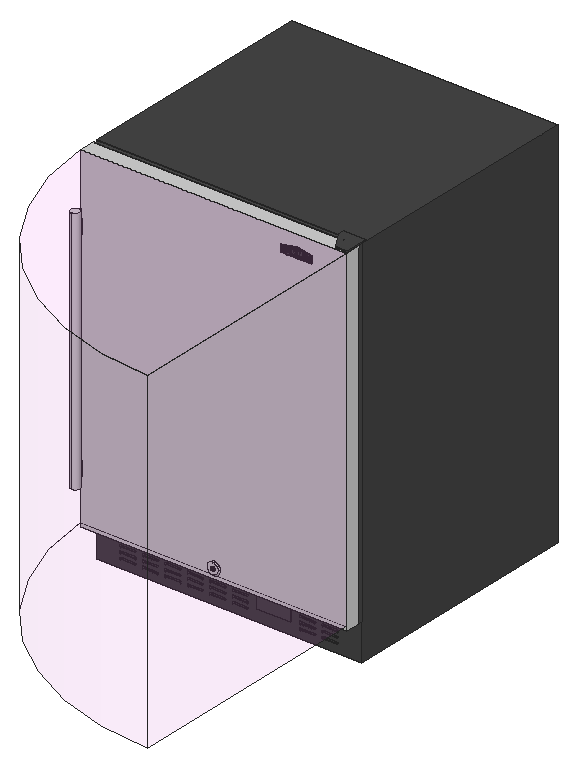
Revit family "Qf_Summit_SCFF53BSS_24 inches Wide Built-In All-Freezer", category Specialty Equipment, Revit 2020
Family settings
  Round Connector Dimension = Use Diameter
  Part Type = Normal
  Work Plane-Based = No
  Always vertical = Yes
  Cut with Voids When Loaded = No
  Shared = No
  Room Calculation Point = No
Parameters
  Weight in Pounds = 88
  Watts = 0 W
  Volts = 115 V
  URL Cutsheet = ""
  Specification by User = ""
  Specification by Manufacturer = ""
  Show Clearance [instance] = yes
  Serial Number = ""
  Seismic Rating = ""
  SMACNA No = ""
  Revision Code = ""
  Plumbing Remarks = ""
  Plumbing Connection Type = ""
  Phase = 1
  Number of Poles = 1
  NAFEM Spec ID Number = ""
  Model = "SCFF53BSS"
  Min Ckt Ampacity = 0 A
  Max Overcurrent Protection = 0 A
  Masterspec = ""
  Manufacturer = "Summit"
  Length = 23 5/8"
  Item Number = ""
  Installed By = ""
  Identify Quantity as Lot = yes
  Height = 34"
  HP = ""
  Furnished By = ""
  Foodservice Equipment Identifier = yes
  FL Amps = 0.9 A
  Electrical Remarks = ""
  Electric Connection Type = ""
  Elec Conn RI Height = 0"
  Elec Conn Connection Height = 0"
  Description = "24\" Wide Built-In All-Freezer"
  Depth = 23 1/2"
  Default Elevation = 0"
  Cycle = 60 Hz
  Conn Plug = ""
  Conn Conduit = yes
  CSI MasterFormat = ""
  Apparent Power = if(Phase = 3, Volts * FL Amps * 1.73, Volts * FL Amps)  # 103.5 VA
Reference planes (in)
  plane 1: z = 0
  plane 2 "LEFT": x = 0
  plane 3 "RIGHT": x = 23.625
  plane 4 "FRONT": y = -24.25
  plane 5 "TOP": z = 34
  plane 6 "Center Y": x = 11.8125
  plane 7 "Center X": y = -12.5
  plane 8 "BACK": y = -0.75
  plane 9: y = -46.375
  plane 10: y = -26.125
  plane 11: y = -22.5
  plane 12: z = 3.875
  plane 13: z = 0.625
  plane 14: x = 20.61996
Forms (in)
  Extrusion 1, solid, material "QF_Metallic_Paint_Black_Smooth"
    sketch origin (22.25, -2.96287, 36.42187) x (0, 1, 0) y (-1, 0, 0)
      loop
        line (2.21287, 22.25) -> (-19.53713, 22.25) -> (-19.53713, -1.375) -> (2.21287, -1.375) -> (2.21287, 22.25)
    from -35.79687 to -2.42187
  Extrusion 2, solid, material "QF_Plastic - Black - Matte"
    sketch origin (22.25, -2.96287, 36.42187) x (0, 1, 0) y (-1, 0, 0)
      loop
        line (-19.53713, 22.125) -> (-19.91213, 22.125) -> (-19.91213, -1.375) -> (-19.53713, -1.375) -> (-19.53713, 22.125)
    from -32.54687 to -2.42187
  Extrusion 3, solid, material "QF_Clearances_Door_Drawer"
    sketch origin (22.3755, -2.96287, 34) x (0, 1, 0) y (-1, 0, 0)
      loop
        line (-21.28713, -1.2495) -> (-21.28713, 22.42021)
        arc (-21.28713, 22.42021) -> (-37.01963, 14.95058) -> (-43.41213, -1.2495) r 23.72364
        line (-43.41213, -1.2495) -> (-21.28713, -1.2495)
    from 0 to -29.75
  Extrusion 4, void
    sketch origin (71.79246, -24.25, 19.21875) x (-1, 0, 0) y (0, 0, -1)
      loop
        arc (52.35496, 15.96875) -> (52.22996, 15.84375) -> (52.35496, 15.71875) r 0.125
        line (52.35496, 15.71875) -> (53.60496, 15.71875)
        arc (53.60496, 15.71875) -> (53.72996, 15.84375) -> (53.60496, 15.96875) r 0.125
        line (53.60496, 15.96875) -> (52.35496, 15.96875)
      loop
        line (52.35496, 16.21875) -> (53.60496, 16.21875)
        arc (53.60496, 16.21875) -> (53.72996, 16.34375) -> (53.60496, 16.46875) r 0.125
        line (53.60496, 16.46875) -> (52.35496, 16.46875)
        arc (52.35496, 16.46875) -> (52.22996, 16.34375) -> (52.35496, 16.21875) r 0.125
      loop
        line (52.35496, 16.71875) -> (53.60496, 16.71875)
        arc (53.60496, 16.71875) -> (53.72996, 16.84375) -> (53.60496, 16.96875) r 0.125
        line (53.60496, 16.96875) -> (52.35496, 16.96875)
        arc (52.35496, 16.96875) -> (52.22996, 16.84375) -> (52.35496, 16.71875) r 0.125
      loop
        line (53.60496, 17.46875) -> (52.35496, 17.46875)
        arc (52.35496, 17.46875) -> (52.22996, 17.34375) -> (52.35496, 17.21875) r 0.125
        line (52.35496, 17.21875) -> (53.60496, 17.21875)
        arc (53.60496, 17.21875) -> (53.72996, 17.34375) -> (53.60496, 17.46875) r 0.125
      loop
        line (53.60496, 17.96875) -> (52.35496, 17.96875)
        arc (52.35496, 17.96875) -> (52.22996, 17.84375) -> (52.35496, 17.71875) r 0.125
        line (52.35496, 17.71875) -> (53.60496, 17.71875)
        arc (53.60496, 17.71875) -> (53.72996, 17.84375) -> (53.60496, 17.96875) r 0.125
      loop
        arc (50.35496, 15.96875) -> (50.22996, 15.84375) -> (50.35496, 15.71875) r 0.125
        line (50.35496, 15.71875) -> (51.60496, 15.71875)
        arc (51.60496, 15.71875) -> (51.72996, 15.84375) -> (51.60496, 15.96875) r 0.125
        line (51.60496, 15.96875) -> (50.35496, 15.96875)
      loop
        line (50.35496, 16.21875) -> (51.60496, 16.21875)
        arc (51.60496, 16.21875) -> (51.72996, 16.34375) -> (51.60496, 16.46875) r 0.125
        line (51.60496, 16.46875) -> (50.35496, 16.46875)
        arc (50.35496, 16.46875) -> (50.22996, 16.34375) -> (50.35496, 16.21875) r 0.125
      loop
        line (50.35496, 16.71875) -> (51.60496, 16.71875)
        arc (51.60496, 16.71875) -> (51.72996, 16.84375) -> (51.60496, 16.96875) r 0.125
        line (51.60496, 16.96875) -> (50.35496, 16.96875)
        arc (50.35496, 16.96875) -> (50.22996, 16.84375) -> (50.35496, 16.71875) r 0.125
      loop
        line (51.60496, 17.46875) -> (50.35496, 17.46875)
        arc (50.35496, 17.46875) -> (50.22996, 17.34375) -> (50.35496, 17.21875) r 0.125
        line (50.35496, 17.21875) -> (51.60496, 17.21875)
        arc (51.60496, 17.21875) -> (51.72996, 17.34375) -> (51.60496, 17.46875) r 0.125
      loop
        line (51.60496, 17.96875) -> (50.35496, 17.96875)
        arc (50.35496, 17.96875) -> (50.22996, 17.84375) -> (50.35496, 17.71875) r 0.125
        line (50.35496, 17.71875) -> (51.60496, 17.71875)
        arc (51.60496, 17.71875) -> (51.72996, 17.84375) -> (51.60496, 17.96875) r 0.125
      loop
        arc (60.35496, 15.96875) -> (60.22996, 15.84375) -> (60.35496, 15.71875) r 0.125
        line (60.35496, 15.71875) -> (61.60496, 15.71875)
        arc (61.60496, 15.71875) -> (61.72996, 15.84375) -> (61.60496, 15.96875) r 0.125
        line (61.60496, 15.96875) -> (60.35496, 15.96875)
      loop
        line (60.35496, 16.21875) -> (61.60496, 16.21875)
        arc (61.60496, 16.21875) -> (61.72996, 16.34375) -> (61.60496, 16.46875) r 0.125
        line (61.60496, 16.46875) -> (60.35496, 16.46875)
        arc (60.35496, 16.46875) -> (60.22996, 16.34375) -> (60.35496, 16.21875) r 0.125
      loop
        line (60.35496, 16.71875) -> (61.60496, 16.71875)
        arc (61.60496, 16.71875) -> (61.72996, 16.84375) -> (61.60496, 16.96875) r 0.125
        line (61.60496, 16.96875) -> (60.35496, 16.96875)
        arc (60.35496, 16.96875) -> (60.22996, 16.84375) -> (60.35496, 16.71875) r 0.125
      loop
        line (61.60496, 17.46875) -> (60.35496, 17.46875)
        arc (60.35496, 17.46875) -> (60.22996, 17.34375) -> (60.35496, 17.21875) r 0.125
        line (60.35496, 17.21875) -> (61.60496, 17.21875)
        arc (61.60496, 17.21875) -> (61.72996, 17.34375) -> (61.60496, 17.46875) r 0.125
      loop
        line (61.60496, 17.96875) -> (60.35496, 17.96875)
        arc (60.35496, 17.96875) -> (60.22996, 17.84375) -> (60.35496, 17.71875) r 0.125
        line (60.35496, 17.71875) -> (61.60496, 17.71875)
        arc (61.60496, 17.71875) -> (61.72996, 17.84375) -> (61.60496, 17.96875) r 0.125
      loop
        arc (58.35496, 15.96875) -> (58.22996, 15.84375) -> (58.35496, 15.71875) r 0.125
        line (58.35496, 15.71875) -> (59.60496, 15.71875)
        arc (59.60496, 15.71875) -> (59.72996, 15.84375) -> (59.60496, 15.96875) r 0.125
        line (59.60496, 15.96875) -> (58.35496, 15.96875)
      loop
        line (58.35496, 16.21875) -> (59.60496, 16.21875)
        arc (59.60496, 16.21875) -> (59.72996, 16.34375) -> (59.60496, 16.46875) r 0.125
        line (59.60496, 16.46875) -> (58.35496, 16.46875)
        arc (58.35496, 16.46875) -> (58.22996, 16.34375) -> (58.35496, 16.21875) r 0.125
      loop
        line (58.35496, 16.71875) -> (59.60496, 16.71875)
        arc (59.60496, 16.71875) -> (59.72996, 16.84375) -> (59.60496, 16.96875) r 0.125
        line (59.60496, 16.96875) -> (58.35496, 16.96875)
        arc (58.35496, 16.96875) -> (58.22996, 16.84375) -> (58.35496, 16.71875) r 0.125
      loop
        line (59.60496, 17.46875) -> (58.35496, 17.46875)
        arc (58.35496, 17.46875) -> (58.22996, 17.34375) -> (58.35496, 17.21875) r 0.125
        line (58.35496, 17.21875) -> (59.60496, 17.21875)
        arc (59.60496, 17.21875) -> (59.72996, 17.34375) -> (59.60496, 17.46875) r 0.125
      loop
        line (59.60496, 17.96875) -> (58.35496, 17.96875)
        arc (58.35496, 17.96875) -> (58.22996, 17.84375) -> (58.35496, 17.71875) r 0.125
        line (58.35496, 17.71875) -> (59.60496, 17.71875)
        arc (59.60496, 17.71875) -> (59.72996, 17.84375) -> (59.60496, 17.96875) r 0.125
      loop
        arc (64.35496, 15.96875) -> (64.22996, 15.84375) -> (64.35496, 15.71875) r 0.125
        line (64.35496, 15.71875) -> (65.60496, 15.71875)
        arc (65.60496, 15.71875) -> (65.72996, 15.84375) -> (65.60496, 15.96875) r 0.125
        line (65.60496, 15.96875) -> (64.35496, 15.96875)
      loop
        line (64.35496, 16.21875) -> (65.60496, 16.21875)
        arc (65.60496, 16.21875) -> (65.72996, 16.34375) -> (65.60496, 16.46875) r 0.125
        line (65.60496, 16.46875) -> (64.35496, 16.46875)
        arc (64.35496, 16.46875) -> (64.22996, 16.34375) -> (64.35496, 16.21875) r 0.125
      loop
        line (64.35496, 16.71875) -> (65.60496, 16.71875)
        arc (65.60496, 16.71875) -> (65.72996, 16.84375) -> (65.60496, 16.96875) r 0.125
        line (65.60496, 16.96875) -> (64.35496, 16.96875)
        arc (64.35496, 16.96875) -> (64.22996, 16.84375) -> (64.35496, 16.71875) r 0.125
      loop
        line (65.60496, 17.46875) -> (64.35496, 17.46875)
        arc (64.35496, 17.46875) -> (64.22996, 17.34375) -> (64.35496, 17.21875) r 0.125
        line (64.35496, 17.21875) -> (65.60496, 17.21875)
        arc (65.60496, 17.21875) -> (65.72996, 17.34375) -> (65.60496, 17.46875) r 0.125
      loop
        line (65.60496, 17.96875) -> (64.35496, 17.96875)
        arc (64.35496, 17.96875) -> (64.22996, 17.84375) -> (64.35496, 17.71875) r 0.125
        line (64.35496, 17.71875) -> (65.60496, 17.71875)
        arc (65.60496, 17.71875) -> (65.72996, 17.84375) -> (65.60496, 17.96875) r 0.125
      loop
        arc (62.35496, 15.96875) -> (62.22996, 15.84375) -> (62.35496, 15.71875) r 0.125
        line (62.35496, 15.71875) -> (63.60496, 15.71875)
        arc (63.60496, 15.71875) -> (63.72996, 15.84375) -> (63.60496, 15.96875) r 0.125
        line (63.60496, 15.96875) -> (62.35496, 15.96875)
      loop
        line (62.35496, 16.21875) -> (63.60496, 16.21875)
        arc (63.60496, 16.21875) -> (63.72996, 16.34375) -> (63.60496, 16.46875) r 0.125
        line (63.60496, 16.46875) -> (62.35496, 16.46875)
        arc (62.35496, 16.46875) -> (62.22996, 16.34375) -> (62.35496, 16.21875) r 0.125
      loop
        line (62.35496, 16.71875) -> (63.60496, 16.71875)
        arc (63.60496, 16.71875) -> (63.72996, 16.84375) -> (63.60496, 16.96875) r 0.125
        line (63.60496, 16.96875) -> (62.35496, 16.96875)
        arc (62.35496, 16.96875) -> (62.22996, 16.84375) -> (62.35496, 16.71875) r 0.125
      loop
        line (63.60496, 17.46875) -> (62.35496, 17.46875)
        arc (62.35496, 17.46875) -> (62.22996, 17.34375) -> (62.35496, 17.21875) r 0.125
        line (62.35496, 17.21875) -> (63.60496, 17.21875)
        arc (63.60496, 17.21875) -> (63.72996, 17.34375) -> (63.60496, 17.46875) r 0.125
      loop
        line (63.60496, 17.96875) -> (62.35496, 17.96875)
        arc (62.35496, 17.96875) -> (62.22996, 17.84375) -> (62.35496, 17.71875) r 0.125
        line (62.35496, 17.71875) -> (63.60496, 17.71875)
        arc (63.60496, 17.71875) -> (63.72996, 17.84375) -> (63.60496, 17.96875) r 0.125
      loop
        arc (68.35496, 15.96875) -> (68.22996, 15.84375) -> (68.35496, 15.71875) r 0.125
        line (68.35496, 15.71875) -> (69.60496, 15.71875)
        arc (69.60496, 15.71875) -> (69.72996, 15.84375) -> (69.60496, 15.96875) r 0.125
        line (69.60496, 15.96875) -> (68.35496, 15.96875)
      loop
        line (68.35496, 16.21875) -> (69.60496, 16.21875)
        arc (69.60496, 16.21875) -> (69.72996, 16.34375) -> (69.60496, 16.46875) r 0.125
        line (69.60496, 16.46875) -> (68.35496, 16.46875)
        arc (68.35496, 16.46875) -> (68.22996, 16.34375) -> (68.35496, 16.21875) r 0.125
      loop
        line (68.35496, 16.71875) -> (69.60496, 16.71875)
        arc (69.60496, 16.71875) -> (69.72996, 16.84375) -> (69.60496, 16.96875) r 0.125
        line (69.60496, 16.96875) -> (68.35496, 16.96875)
        arc (68.35496, 16.96875) -> (68.22996, 16.84375) -> (68.35496, 16.71875) r 0.125
      loop
        line (69.60496, 17.46875) -> (68.35496, 17.46875)
        arc (68.35496, 17.46875) -> (68.22996, 17.34375) -> (68.35496, 17.21875) r 0.125
        line (68.35496, 17.21875) -> (69.60496, 17.21875)
        arc (69.60496, 17.21875) -> (69.72996, 17.34375) -> (69.60496, 17.46875) r 0.125
      loop
        line (69.60496, 17.96875) -> (68.35496, 17.96875)
        arc (68.35496, 17.96875) -> (68.22996, 17.84375) -> (68.35496, 17.71875) r 0.125
        line (68.35496, 17.71875) -> (69.60496, 17.71875)
        arc (69.60496, 17.71875) -> (69.72996, 17.84375) -> (69.60496, 17.96875) r 0.125
      loop
        arc (66.35496, 15.96875) -> (66.22996, 15.84375) -> (66.35496, 15.71875) r 0.125
        line (66.35496, 15.71875) -> (67.60496, 15.71875)
        arc (67.60496, 15.71875) -> (67.72996, 15.84375) -> (67.60496, 15.96875) r 0.125
        line (67.60496, 15.96875) -> (66.35496, 15.96875)
      loop
        line (66.35496, 16.21875) -> (67.60496, 16.21875)
        arc (67.60496, 16.21875) -> (67.72996, 16.34375) -> (67.60496, 16.46875) r 0.125
        line (67.60496, 16.46875) -> (66.35496, 16.46875)
        arc (66.35496, 16.46875) -> (66.22996, 16.34375) -> (66.35496, 16.21875) r 0.125
      loop
        line (66.35496, 16.71875) -> (67.60496, 16.71875)
        arc (67.60496, 16.71875) -> (67.72996, 16.84375) -> (67.60496, 16.96875) r 0.125
        line (67.60496, 16.96875) -> (66.35496, 16.96875)
        arc (66.35496, 16.96875) -> (66.22996, 16.84375) -> (66.35496, 16.71875) r 0.125
      loop
        line (67.60496, 17.46875) -> (66.35496, 17.46875)
        arc (66.35496, 17.46875) -> (66.22996, 17.34375) -> (66.35496, 17.21875) r 0.125
        line (66.35496, 17.21875) -> (67.60496, 17.21875)
        arc (67.60496, 17.21875) -> (67.72996, 17.34375) -> (67.60496, 17.46875) r 0.125
      loop
        line (67.60496, 17.96875) -> (66.35496, 17.96875)
        arc (66.35496, 17.96875) -> (66.22996, 17.84375) -> (66.35496, 17.71875) r 0.125
        line (66.35496, 17.71875) -> (67.60496, 17.71875)
        arc (67.60496, 17.71875) -> (67.72996, 17.84375) -> (67.60496, 17.96875) r 0.125
    from -1.883 to -1.75
  Extrusion 5, solid, material "QF_Metal - Stainless - Polished"
    sketch origin (-3.14693, -0.75, 36.40612) x (1, 0, 0) y (0, 0, -1)
      loop
        circle (23.76688, 33.98256) r 0.25
    from 0 to 1
  Extrusion 6, solid, material "QF_Plastic_Epoxy_Black"
    sketch origin (23.6875, -22.5, 36.29687) x (-1, 0, 0) y (0, 0, -1)
      loop
        line (9.4375, 33.29687) -> (9.4375, 34.67187) -> (6.4375, 34.67187) -> (6.4375, 33.29687) -> (9.4375, 33.29687)
    from 0 to 0.03125
  Extrusion 7, solid, material "QF_Metal - Stainless - Polished"
    sketch origin (22.25, -47.03713, 36.42187) x (0, 1, 0) y (-1, 0, 0)
      loop
        line (22.78713, 22.25) -> (22.78713, -1.375) -> (23.28713, -1.375) -> (23.28713, 22.25) -> (22.78713, 22.25)
    from -32.54687 to -2.42187
  Extrusion 8, solid, material "QF_Metal - Stainless - Polished"
    sketch origin (22.25, -2.96287, 32) x (0, 1, 0) y (-1, 0, 0)
      loop
        circle (-22.78713, 21.5625) r 0.375
    from -24.00609 to -2.00609
  Extrusion 9, solid, material "QF_Metal - Stainless - Polished"
    sketch origin (22.25, -2.96287, 32) x (0, 1, 0) y (-1, 0, 0)
      loop
        line (-22.31374, 21.94806) -> (-21.28713, 22.25) -> (-20.53713, 22.25) -> (-20.53713, 22.3125) -> (-21.29613, 22.3125) -> (-22.33138, 22.00802)
        arc (-22.33138, 22.00802) -> (-22.38971, 21.96749) -> (-22.41213, 21.90009) r 0.1125
        line (-22.41213, 21.90009) -> (-22.41213, 21.3095) -> (-22.34963, 21.3095) -> (-22.34963, 21.90009)
        arc (-22.34963, 21.90009) -> (-22.33967, 21.93004) -> (-22.31374, 21.94806) r 0.05
    from -4.00609 to -2.75609
  Revolve 10, solid, material "QF_Plastic - Black - Matte"
    sketch origin (71.66746, -21, 19.5) x (-1, 0, 0) y (0, 0, -1)
      loop
        line (70.10496, 17.75) -> (70.10496, 19.5) -> (69.60496, 19.5) -> (69.52163, 19.0625) -> (69.52163, 19) -> (69.91746, 19) -> (69.91746, 17.75) -> (70.10496, 17.75)
      axis (70.10496, 19.5) -> (70.10496, 17.75)
    angle from 0 to 360
  Revolve 11, solid, material "QF_Plastic - Black - Matte"
    sketch origin (71.66746, -2, 19.5) x (-1, 0, 0) y (0, 0, -1)
      loop
        line (70.10496, 17.75) -> (70.10496, 19.5) -> (69.60496, 19.5) -> (69.52163, 19.0625) -> (69.52163, 19) -> (69.91746, 19) -> (69.91746, 17.75) -> (70.10496, 17.75)
      axis (70.10496, 19.5) -> (70.10496, 17.75)
    angle from 0 to 360
  Extrusion 12, solid, material "QF_Metal - Stainless - Polished"
    sketch origin (22.25, 0.03713, 36.42187) x (0, 1, 0) y (-1, 0, 0)
      loop
        line (-22.91213, 22.25) -> (-23.78713, 22.25) -> (-23.78713, -1.375) -> (-22.91213, -1.375) -> (-22.91213, 22.25)
    from -32.54687 to -2.42187
  Extrusion 13, solid, material "QF_Metal - Stainless - Polished"
    sketch origin (22.25, -2.96287, 12.75) x (0, 1, 0) y (-1, 0, 0)
      loop
        line (-22.31374, 21.94806) -> (-21.28713, 22.25) -> (-20.53713, 22.25) -> (-20.53713, 22.3125) -> (-21.29613, 22.3125) -> (-22.33138, 22.00802)
        arc (-22.33138, 22.00802) -> (-22.38971, 21.96749) -> (-22.41213, 21.90009) r 0.1125
        line (-22.41213, 21.90009) -> (-22.41213, 21.3095) -> (-22.34963, 21.3095) -> (-22.34963, 21.90009)
        arc (-22.34963, 21.90009) -> (-22.33967, 21.93004) -> (-22.31374, 21.94806) r 0.05
    from -4.00609 to -2.75609
  Blend 14, solid, material "QF_Metal - Stainless - Polished"
    base sketch origin (23.6875, -25.51715, 36.42187) x (1, 0, 0) y (0, 0, -1)
      loop
        circle (-11.875, 31.66041) r 0.5625
    top sketch origin (23.6875, -25.51715, 36.42187) x (1, 0, 0) y (0, 0, -1)
      loop
        circle (-11.875, 31.66041) r 0.5
    from 1.26715 to 1.17082
  Extrusion 15, void
    sketch origin (23.6875, -25.51715, 36.42187) x (1, 0, 0) y (0, 0, -1)
      loop
        circle (-11.875, 31.66041) r 0.1875
      loop
        spline (-11.875, 31.76183) -> (-11.88315, 31.75838) -> (-11.89074, 31.74824) -> (-11.89727, 31.73213) -> (-11.90227, 31.71112) -> (-11.90542, 31.68666) -> (-11.90649, 31.66041) -> (-11.90542, 31.63416) -> (-11.90227, 31.6097) -> (-11.89727, 31.58869) -> (-11.89074, 31.57258) -> (-11.88315, 31.56244) -> (-11.875, 31.55899)
        spline (-11.875, 31.55899) -> (-11.86685, 31.56244) -> (-11.85926, 31.57258) -> (-11.85273, 31.58869) -> (-11.84773, 31.6097) -> (-11.84458, 31.63416) -> (-11.84351, 31.66041) -> (-11.84458, 31.68666) -> (-11.84773, 31.71112) -> (-11.85273, 31.73213) -> (-11.85926, 31.74824) -> (-11.86685, 31.75838) -> (-11.875, 31.76183)
      loop
        circle (-11.875, 31.66041) r 0.16983
    from 1.26715 to 1.17082
  Revolve 16, solid, material "QF_Plastic - Black - Matte"
    sketch origin (-48.04246, -21, 19.5) x (1, 0, 0) y (0, 0, 1)
      loop
        line (70.10496, -17.75) -> (69.91746, -17.75) -> (69.91746, -19) -> (69.52163, -19) -> (69.52163, -19.0625) -> (69.60496, -19.5) -> (70.10496, -19.5) -> (70.10496, -17.75)
      axis (70.10496, -19.5) -> (70.10496, -17.75)
    angle from 0 to 360
  Revolve 17, solid, material "QF_Plastic - Black - Matte"
    sketch origin (-48.04246, -2, 19.5) x (1, 0, 0) y (0, 0, 1)
      loop
        line (70.10496, -17.75) -> (69.91746, -17.75) -> (69.91746, -19) -> (69.52163, -19) -> (69.52163, -19.0625) -> (69.60496, -19.5) -> (70.10496, -19.5) -> (70.10496, -17.75)
      axis (70.10496, -19.5) -> (70.10496, -17.75)
    angle from 0 to 360
  Extrusion 18, solid, material "QF_Metallic_Paint_Black_Smooth"
    sketch origin (22.25, -2.96287, 34) x (0, 1, 0) y (-1, 0, 0)
      loop
        line (-19.53713, 0.75) -> (-21.04014, -0.21339)
        arc (-21.04014, -0.21339) -> (-21.08375, -0.25887) -> (-21.09963, -0.31985) r 0.125
        line (-21.09963, -0.31985) -> (-21.09963, -1.125)
        arc (-21.09963, -1.125) -> (-21.06302, -1.21339) -> (-20.97463, -1.25) r 0.125
        line (-20.97463, -1.25) -> (-18.93737, -1.25) -> (-18.93737, 0.75) -> (-19.53713, 0.75)
    from 0 to 0.05294
Cuts and joins
  Extrusion 4, Extrusion 15 cuts Extrusion 1
  joined: Extrusion 1, Extrusion 18
  Extrusion 15 cuts Extrusion 2
  Extrusion 15 cuts Extrusion 3
  Extrusion 15 cuts Extrusion 7
  Extrusion 15 cuts Extrusion 12
  joined: Extrusion 7, Extrusion 12
  Extrusion 15 cuts Blend 14
Lines and regions (in)
  symbolic lines
    curve 1: line (23.625, -0.75, 32) -> (0, -0.75, 32)
    curve 2: line (0, -0.75, 32) -> (0, -22.5, 32)
    curve 3: line (0, -22.5, 32) -> (21.5, -22.5, 32)
    curve 4: line (23.625, -22.5, 32) -> (23.625, -0.75, 32)
    curve 5: line (23.625, -22.875, 32) -> (23.5, -22.875, 32)
    curve 6: line (0, -22.875, 32) -> (0, -24.25, 32)
    curve 7: line (0, -23.75, 32) -> (22.30122, -23.75, 32)
    curve 8: line (23.625, -23.75, 32) -> (23.625, -22.875, 32)
    curve 9: line (-0.0625, -23.5, 32) -> (-0.0625, -24.259, 32)
    curve 10: line (-0.0625, -24.259, 32) -> (0.24198, -25.29424, 32)
    curve 11: arc (0.24198, -25.29424, 32) -> (0.28251, -25.35258, 32) -> (0.34991, -25.375, 32) r 0.1125
    curve 12: line (0.34991, -25.375, 32) -> (0.9405, -25.375, 32)
    curve 13: line (0.9405, -25.375, 32) -> (0.9405, -25.3125, 32)
    curve 14: line (0.9405, -25.3125, 32) -> (0.34991, -25.3125, 32)
    curve 15: arc (0.34991, -25.3125, 32) -> (0.31996, -25.30253, 32) -> (0.30194, -25.27661, 32) r 0.05
    curve 16: line (0.30194, -25.27661, 32) -> (0, -24.25, 32)
    curve 17: line (0, -24.25, 32) -> (0, -23.5, 32)
    curve 18: line (0, -23.5, 32) -> (-0.0625, -23.5, 32)
    curve 19: line (23.625, -24.25, 32) -> (23.625, -22.875, 32)
    curve 20: line (23.625, -24.25, 32) -> (23.625, -23.75, 32)
    curve 21: line (23.5, -22.5, 32) -> (23.625, -22.5, 32)
    curve 22: line (21.74037, -22.875, 32) -> (0, -22.875, 32)
    curve 23: line (23.5, -23.75, 32) -> (23.625, -23.75, 32)
    curve 24: line (21.5, -22.5, 32) -> (22.46339, -24.00301, 32)
    curve 25: arc (22.46339, -24.00301, 32) -> (22.50887, -24.04662, 32) -> (22.56985, -24.0625, 32) r 0.125
    curve 26: line (22.56985, -24.0625, 32) -> (23.375, -24.0625, 32)
    curve 27: arc (23.375, -24.0625, 32) -> (23.46339, -24.02589, 32) -> (23.5, -23.9375, 32) r 0.125
    curve 28: line (23.5, -23.9375, 32) -> (23.5, -21.90024, 32)
    curve 29: line (23.5, -21.90024, 32) -> (21.5, -21.90024, 32)
    curve 30: line (21.5, -21.90024, 32) -> (21.5, -22.5, 32)
    curve 31: arc (0.6875, -26.125, 32) -> (1.0625, -25.75, 32) -> (0.6875, -25.375, 32) r 0.375
    curve 32: arc (0.6875, -25.375, 32) -> (0.3125, -25.75, 32) -> (0.6875, -26.125, 32) r 0.375
    curve 33: line (0, -24.25, 32) -> (23.625, -24.25, 32)
    curve 34: line (0.125, -22.5, 32) -> (0.125, -22.875, 32)
  symbolic lines, style "QF_Clearances_Door_Drawer"
    curve 35: arc (-0.04472, -24.25, 32) -> (1.14111, -30.22008, 32) -> (3.80697, -35.69194, 32) r 23.72364
    curve 36: line (3.80697, -35.69194, 32) -> (23.625, -24.25, 32)
Dimensions and locks (in)
  equal spacing: plane 2 "LEFT", plane 6 "Center Y", plane 3 "RIGHT"
  "Length": plane 2 "LEFT" to plane 3 "RIGHT"
  equal spacing: plane 4 "FRONT", plane 7 "Center X", plane 8 "BACK"
  "Height": plane 5 "TOP" to level
  plane 3 "RIGHT" to plane 2 "LEFT" = 23 5/8"
  plane 5 "TOP" to level = 34"
  "Depth": plane 4 "FRONT" to plane 8 "BACK"
  plane 9 to plane 8 "BACK" = 45 5/8"
  plane 4 "FRONT" to plane 10 = 1 7/8"
  plane 8 "BACK" to plane 11 = 21 3/4"
  plane 14 to plane 3 "RIGHT" = 3.00504"
  aligned and locked: level to plane 1
  aligned and locked: Extrusion 1 to Extrusion 4
  aligned and locked: Extrusion 2 to Extrusion 7
  aligned and locked: Blend 14 to plane 4 "FRONT"
  aligned and locked: Extrusion 15 to plane 4 "FRONT"
  aligned and locked: cut or joined group of Blend 14, Extrusion 15 to Extrusion 15
Automatic sketch dimensions
  Extrusion 1 sketch curve to plane 2 "LEFT" = 0"
  Extrusion 1 sketch curve to plane 11 = 0"
  plane 8 "BACK" to Extrusion 1 sketch curve = 0"
  Extrusion 1 sketch curve to plane 3 "RIGHT" = 0"
  Extrusion 2 sketch curve to plane 3 "RIGHT" = 0"
  Extrusion 2 sketch curve to plane 11 = 0"
  Extrusion 2 sketch curve to Extrusion 2 sketch curve = 3/8"
  plane 2 "LEFT" to Extrusion 2 sketch curve = 1/8"
  Extrusion 3 sketch curve to Extrusion 1 = 0"
  Extrusion 1 to Extrusion 3 sketch curve = 23 7/8"
  Extrusion 1 to Extrusion 3 sketch curve = 1 3/4"
  Extrusion 1 to Extrusion 3 sketch curve = 0.15136"
  plane 3 "RIGHT" to Extrusion 4 sketch curve = 2 3/16"
  Extrusion 4 sketch curve to Extrusion 4 sketch curve = 0"  (x56)
  plane 12 to Extrusion 4 sketch curve = 3/8"  (x8)
  Extrusion 4 sketch curve to Extrusion 4 sketch curve = 1 1/4"  (x7)
  Extrusion 4 sketch curve to Extrusion 4 sketch curve = 3/4"  (x9)
  Extrusion 4 sketch curve to plane 13 = 5/8"  (x3)
  plane 6 "Center Y" to Extrusion 4 sketch curve = 1 5/8"
  plane 6 "Center Y" to Extrusion 4 sketch curve = 3/8"  (x3)
  Extrusion 4 sketch curve to plane 6 "Center Y" = 3/8"  (x3)
  Extrusion 4 sketch curve to Extrusion 4 sketch curve = 1/8"  (x37)
  Extrusion 4 sketch curve to Extrusion 4 sketch curve = 1/4"  (x32)
  Extrusion 5 sketch curve to Extrusion 1 = 3.00504"
  Extrusion 1 to Extrusion 5 sketch curve = 1.79856"
  Extrusion 1 to Extrusion 6 sketch curve = 2 3/8"
  Extrusion 6 sketch curve to Extrusion 1 = 6 3/8"
  Extrusion 1 to Extrusion 6 sketch curve = 1"
  Extrusion 6 sketch curve to Extrusion 6 sketch curve = 3"
  Extrusion 7 sketch curve to plane 3 "RIGHT" = 0"
  plane 4 "FRONT" to Extrusion 7 sketch curve = 0"
  Extrusion 7 sketch curve to plane 2 "LEFT" = 0"
  Extrusion 7 sketch curve to Extrusion 7 sketch curve = 1/2"
  Extrusion 9 sketch curve to Extrusion 9 sketch curve = 0"  (x2)
  Extrusion 9 sketch curve to plane 2 "LEFT" = 0"
  plane 4 "FRONT" to Extrusion 9 sketch curve = 0"
  plane 4 "FRONT" to Extrusion 9 sketch curve = 0.009"
  plane 2 "LEFT" to Extrusion 9 sketch curve = 0.34991"
  plane 10 to Extrusion 9 sketch curve = 0.8625"
  plane 2 "LEFT" to Extrusion 9 sketch curve = 0.30194"
  Extrusion 9 sketch curve to Extrusion 9 sketch curve = 0.01411"
  plane 2 "LEFT" to Extrusion 9 sketch curve = 0.24198"
  Extrusion 9 sketch curve to Extrusion 9 sketch curve = 0.01764"
  Extrusion 9 sketch curve to plane 4 "FRONT" = 3/4"
  Extrusion 9 sketch curve to Extrusion 9 sketch curve = 0.59059"
  Extrusion 9 sketch curve to plane 2 "LEFT" = 1/16"
  Revolve 10 sketch curve to level = 0"
  Revolve 10 sketch curve to plane 13 = 0"
  plane 13 to Revolve 10 sketch curve = 3/16"
  plane 2 "LEFT" to Revolve 10 sketch curve = 2.14583"
  Revolve 10 sketch curve to Revolve 10 sketch curve = 0.08333"
  Revolve 10 sketch curve to Revolve 10 sketch curve = 0.39583"
  Revolve 10 sketch curve to Revolve 10 sketch curve = 3/16"  (x2)
  Revolve 10 sketch curve to plane 13 = 1 1/8"
  Revolve 10 sketch curve to Revolve 10 sketch curve = 1/16"
  Revolve 10 sketch curve to plane 13 = 1/4"
  Revolve 11 sketch curve to level = 0"
  Revolve 11 sketch curve to plane 13 = 0"
  plane 13 to Revolve 11 sketch curve = 3/16"
  plane 2 "LEFT" to Revolve 11 sketch curve = 2.14583"
  Revolve 11 sketch curve to Revolve 11 sketch curve = 0.08333"
  Revolve 11 sketch curve to Revolve 11 sketch curve = 0.39583"
  Revolve 11 sketch curve to Revolve 11 sketch curve = 3/16"  (x2)
  Revolve 11 sketch curve to plane 13 = 1 1/8"
  Revolve 11 sketch curve to Revolve 11 sketch curve = 1/16"
  Revolve 11 sketch curve to plane 13 = 1/4"
  Extrusion 12 sketch curve to plane 2 "LEFT" = 0"
  Extrusion 12 sketch curve to plane 3 "RIGHT" = 0"
  Extrusion 12 sketch curve to plane 4 "FRONT" = 1/2"
  Extrusion 12 sketch curve to plane 11 = 3/8"
  Extrusion 13 sketch curve to Extrusion 13 sketch curve = 0"  (x2)
  Extrusion 13 sketch curve to plane 2 "LEFT" = 0"
  plane 4 "FRONT" to Extrusion 13 sketch curve = 0"
  plane 4 "FRONT" to Extrusion 13 sketch curve = 0.009"
  plane 2 "LEFT" to Extrusion 13 sketch curve = 0.34991"
  plane 10 to Extrusion 13 sketch curve = 0.8625"
  plane 2 "LEFT" to Extrusion 13 sketch curve = 0.30194"
  Extrusion 13 sketch curve to Extrusion 13 sketch curve = 0.01411"
  plane 2 "LEFT" to Extrusion 13 sketch curve = 0.24198"
  Extrusion 13 sketch curve to Extrusion 13 sketch curve = 0.01764"
  Extrusion 13 sketch curve to plane 4 "FRONT" = 3/4"
  Extrusion 13 sketch curve to Extrusion 13 sketch curve = 0.59059"
  Extrusion 13 sketch curve to plane 2 "LEFT" = 1/16"
  Extrusion 15 sketch curve to Extrusion 15 sketch curve = 0"  (x3)
  Extrusion 15 sketch curve to plane 6 "Center Y" = 0"  (x2)
  Extrusion 15 sketch curve to plane 12 = 0.88646"
  Extrusion 15 sketch curve to Extrusion 15 sketch curve = 0.10142"
  Revolve 16 sketch curve to level = 0"
  Revolve 16 sketch curve to plane 13 = 0"
  plane 13 to Revolve 16 sketch curve = 3/16"
  plane 3 "RIGHT" to Revolve 16 sketch curve = 2.14583"
  Revolve 16 sketch curve to Revolve 16 sketch curve = 0.08333"
  Revolve 16 sketch curve to Revolve 16 sketch curve = 0.39583"
  Revolve 16 sketch curve to Revolve 16 sketch curve = 3/16"  (x2)
  plane 13 to Revolve 16 sketch curve = 1/8"
  Revolve 16 sketch curve to plane 13 = 1 1/8"
  Revolve 16 sketch curve to plane 13 = 1/4"
  Revolve 17 sketch curve to level = 0"
  Revolve 17 sketch curve to plane 13 = 0"
  plane 13 to Revolve 17 sketch curve = 3/16"
  plane 3 "RIGHT" to Revolve 17 sketch curve = 2.14583"
  Revolve 17 sketch curve to Revolve 17 sketch curve = 0.08333"
  Revolve 17 sketch curve to Revolve 17 sketch curve = 0.39583"
  Revolve 17 sketch curve to Revolve 17 sketch curve = 3/16"  (x2)
  plane 13 to Revolve 17 sketch curve = 1/8"
  Revolve 17 sketch curve to plane 13 = 1 1/8"
  Revolve 17 sketch curve to plane 13 = 1/4"
  Extrusion 1 to Extrusion 18 sketch curve = 0"
  Extrusion 18 sketch curve to Extrusion 1 = 1/8"
  Extrusion 1 to Extrusion 18 sketch curve = 1 7/16"
  Extrusion 18 sketch curve to Extrusion 18 sketch curve = 0"
  Extrusion 18 sketch curve to Extrusion 18 sketch curve = 0.06551"
  Extrusion 18 sketch curve to Extrusion 18 sketch curve = 1/8"
  Extrusion 18 sketch curve to Extrusion 1 = 0.59976"
  Extrusion 18 sketch curve to Extrusion 18 sketch curve = 0.80515"
  Extrusion 18 sketch curve to Extrusion 18 sketch curve = 0.96339"
  curve 11 to curve 15 = 0"  (x2)
  curve 35 to plane 9 = 10.68306"
  curve 31 to plane 10 = 0"
  curve 33 to plane 3 "RIGHT" = 0"
  plane 4 "FRONT" to curve 33 = 0"
  plane 4 "FRONT" to curve 35 = 0"
  curve 7 to plane 2 "LEFT" = 0"
  curve 3 to plane 2 "LEFT" = 0"
  curve 3 to plane 11 = 0"
  curve 30 to plane 11 = 0"
  curve 21 to plane 3 "RIGHT" = 0"
  curve 21 to plane 11 = 0"
  plane 8 "BACK" to curve 2 = 0"
  plane 10 to curve 32 = 3/8"
  curve 12 to curve 32 = 0"
  curve 12 to curve 14 = 1/16"
  plane 2 "LEFT" to curve 10 = 0.24198"
  curve 14 to curve 10 = 0.01826"
  plane 2 "LEFT" to curve 16 = 0.30194"
  curve 14 to curve 11 = 0.05"
  plane 4 "FRONT" to curve 9 = 0.009"
  curve 26 to plane 4 "FRONT" = 3/16"
  curve 26 to curve 24 = 0.05949"
  curve 26 to curve 25 = 1/8"
  curve 27 to curve 28 = 1/8"
  curve 28 to curve 20 = 3/16"
  curve 6 to curve 18 = 3/4"
  curve 22 to curve 2 = 3/8"
  curve 19 to plane 11 = 3/8"
  curve 35 to plane 11 = 0.15136"
  plane 3 "RIGHT" to curve 29 = 1/8"
  curve 21 to curve 29 = 0.59976"
  curve 26 to curve 26 = 0.80515"
  plane 14 to curve 30 = 0.88004"
  curve 13 to curve 11 = 0.59059"
  curve 12 to curve 31 = 0.253"
  curve 9 to plane 2 "LEFT" = 1/16"
  curve 25 to curve 7 = 0.25301"
  plane 3 "RIGHT" to curve 21 = 1/8"
  plane 3 "RIGHT" to curve 5 = 1/8"
  curve 22 to curve 24 = 0.24037"
  curve 3 to curve 24 = 0"
  curve 34 to curve 6 = 1/8"
  plane 2 "LEFT" to curve 36 = 3.80697"
  curve 35 to plane 3 "RIGHT" = 0"
  radius of Extrusion 5 sketch curve = 1/4"
  radius of Extrusion 15 sketch curve = 3/16"
  radius of Extrusion 15 sketch curve = 0.16983"
Nested families (in)
  nested 1: "QF_LOGO_SUMMIT" at (17.80652, -24.25, 32.11169), type "QF_LOGO_SUMMIT"
    with Show Logo yes
Connectors (in)
  electrical at (20.61996, 0.25, 2.42356), driven by "Volts", driven by "Apparent Power"
    settings: on Extrusion 5, index 3, voltage 115 V, apparent load 103.5 VA, apparent load phase1 0 VA, apparent load phase2 0 VA, apparent load phase3 0 VA, power factor 1, load classification "Other", number of poles 1, system type 30, power factor state 1, is connector primary yes, connector utility no, sub classification motor no, connector description ""
Definition of nested family "QF_LOGO_SUMMIT"
  Parameters (values of type "QF_LOGO_SUMMIT")
    Show Logo [instance] = yes
    Default Elevation = 0"
  Reference planes (in)
    plane 1 "Center (Front/Back)": y = 0
    plane 2: z = 0
    plane 3 "Center (Left/Right)": x = 0
  Forms (in)
    Extrusion 1, solid
      sketch origin (-11.16229, 0.625, -2.89667) x (1, 0, 0) y (0, 0, -1)
        loop
          line (11.41512, -3.01067) -> (11.41512, -3.12421) -> (11.22543, -3.12421) -> (11.22543, -3.46441) -> (11.54145, -3.53395) -> (11.54145, -3.33591) -> (11.43166, -3.33591) -> (11.41472, -3.36824) -> (11.36757, -3.36777) -> (11.36757, -3.25424) -> (11.54145, -3.25424) -> (11.54145, -2.91255) -> (11.22543, -2.91255) -> (11.22543, -3.04253) -> (11.35104, -3.04253) -> (11.36798, -3.01021) -> (11.41512, -3.01067)
        loop
          line (11.61729, -2.91255) -> (11.61729, -3.55064) -> (11.747, -3.57918) -> (11.747, -3.09257) -> (11.81, -3.09257) -> (11.81, -3.59304) -> (11.93431, -3.6204) -> (11.93431, -2.91255) -> (11.61729, -2.91255)
        loop
          line (12.01604, -2.91255) -> (12.01604, -3.64181) -> (12.17165, -3.67605) -> (12.26883, -3.28697) -> (12.36385, -3.71834) -> (12.50603, -3.74962) -> (12.50603, -2.91255) -> (12.37953, -2.91255) -> (12.37953, -3.18886) -> (12.30018, -2.91255) -> (12.23655, -2.91255) -> (12.15831, -3.09207) -> (12.15831, -2.91255) -> (12.01604, -2.91255)
        loop
          line (12.58485, -2.91255) -> (12.58485, -3.75305) -> (12.74259, -3.71834) -> (12.83761, -3.28697) -> (12.93479, -3.67605) -> (13.0904, -3.64181) -> (13.0904, -2.91255) -> (12.94814, -2.91255) -> (12.94814, -3.09207) -> (12.86989, -2.91255) -> (12.80626, -2.91255) -> (12.72691, -3.18886) -> (12.72691, -2.91255) -> (12.58485, -2.91255)
        loop
          line (13.16907, -2.91255) -> (13.16907, -3.6245) -> (13.34336, -3.58614) -> (13.34336, -2.91255) -> (13.16907, -2.91255)
        loop
          line (13.42201, -3.39774) -> (13.42201, -3.56884) -> (13.84912, -3.47485) -> (13.84912, -3.30375) -> (13.70668, -3.3351) -> (13.70668, -2.91255) -> (13.54875, -2.91255) -> (13.54875, -3.36985) -> (13.42201, -3.39774)
      from -0.63712 to -0.625
    Extrusion 2, solid
      sketch origin (-11.16229, 0.625, -2.89667) x (1, 0, 0) y (0, 0, -1)
        loop
          line (12.5451, -3.80844) -> (13.91229, -3.50938) -> (13.91229, -2.89667) -> (11.16229, -2.89667) -> (11.16229, -3.49894) -> (12.5451, -3.80844)
        loop
          line (11.22543, -3.46441) -> (11.54145, -3.53395) -> (11.54145, -3.33591) -> (11.43166, -3.33591) -> (11.41472, -3.36824) -> (11.36757, -3.36777) -> (11.36757, -3.25424) -> (11.54145, -3.25424) -> (11.54145, -2.91255) -> (11.22543, -2.91255) -> (11.22543, -3.04253) -> (11.35104, -3.04253) -> (11.36798, -3.01021) -> (11.41512, -3.01067) -> (11.41512, -3.12421) -> (11.22543, -3.12421) -> (11.22543, -3.46441)
        loop
          line (11.61729, -3.55064) -> (11.747, -3.57918) -> (11.747, -3.09257) -> (11.81, -3.09257) -> (11.81, -3.59304) -> (11.93431, -3.6204) -> (11.93431, -2.91255) -> (11.61729, -2.91255) -> (11.61729, -3.55064)
        loop
          line (12.01604, -3.64181) -> (12.17165, -3.67605) -> (12.26883, -3.28697) -> (12.36385, -3.71834) -> (12.50603, -3.74962) -> (12.50603, -2.91255) -> (12.37953, -2.91255) -> (12.37953, -3.18886) -> (12.30018, -2.91255) -> (12.23655, -2.91255) -> (12.15831, -3.09207) -> (12.15831, -2.91255) -> (12.01604, -2.91255) -> (12.01604, -3.64181)
        loop
          line (12.58485, -3.75305) -> (12.74259, -3.71834) -> (12.83761, -3.28697) -> (12.93479, -3.67605) -> (13.0904, -3.64181) -> (13.0904, -2.91255) -> (12.94814, -2.91255) -> (12.94814, -3.09207) -> (12.86989, -2.91255) -> (12.80626, -2.91255) -> (12.72691, -3.18886) -> (12.72691, -2.91255) -> (12.58485, -2.91255) -> (12.58485, -3.75305)
        loop
          line (13.16907, -3.6245) -> (13.34336, -3.58614) -> (13.34336, -2.91255) -> (13.16907, -2.91255) -> (13.16907, -3.6245)
        loop
          line (13.42201, -3.56884) -> (13.84912, -3.47485) -> (13.84912, -3.30375) -> (13.70668, -3.3351) -> (13.70668, -2.91255) -> (13.54875, -2.91255) -> (13.54875, -3.36985) -> (13.42201, -3.39774) -> (13.42201, -3.56884)
      from -0.625 to -0.63712
  Dimensions and locks (in)
    aligned and locked: level to plane 2
    aligned and locked: Extrusion 1 to Extrusion 2
